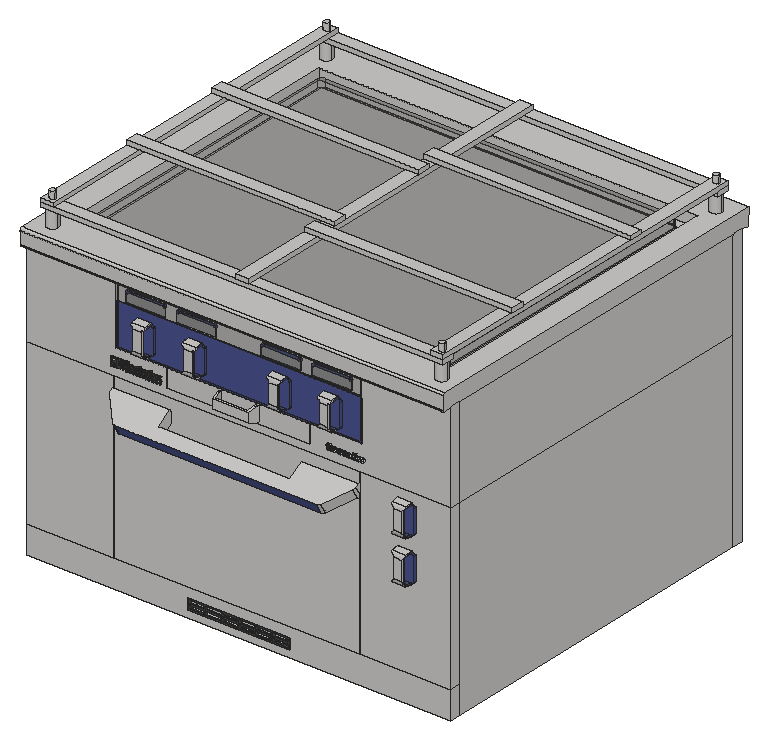
Revit family "QF_ELECTROLUXPROFESSIONAL_589882_MCLLEAJ8DM", category Specialty Equipment, Revit 2014 (continued)
Definition of nested family "Front_Panel_W1000_Four Knobs_Marine"
  Definition of nested family "ELX_Professional_Logo_Small"
    Forms (mm)
      Extrusion 2, solid, material "QF_Finishes_Black" <- "Material_Logo"
        sketch origin (15.5, 0, 0) x (1, 0, 0) y (0, 1, 0)
          loop
            spline (-21.915, 1.897) -> (-21.957, 2.615) -> (-22.082, 3.303) -> (-22.285, 3.955) -> (-22.563, 4.564) -> (-22.913, 5.124) -> (-23.331, 5.629) -> (-23.814, 6.074) -> (-24.359, 6.451) -> (-24.961, 6.755) -> (-25.618, 6.98) -> (-26.326, 7.119) -> (-27.081, 7.167)
            spline (-27.081, 7.167) -> (-27.853, 7.122) -> (-28.586, 6.99) -> (-29.275, 6.774) -> (-29.915, 6.478) -> (-30.5, 6.104) -> (-31.024, 5.657) -> (-31.483, 5.138) -> (-31.871, 4.553) -> (-32.182, 3.904) -> (-32.411, 3.194) -> (-32.552, 2.427) -> (-32.6, 1.606)
            spline (-32.6, 1.606) -> (-32.553, 0.805) -> (-32.416, 0.057) -> (-32.193, -0.637) -> (-31.887, -1.271) -> (-31.504, -1.843) -> (-31.048, -2.35) -> (-30.523, -2.788) -> (-29.934, -3.154) -> (-29.284, -3.444) -> (-28.579, -3.656) -> (-27.822, -3.785) -> (-27.019, -3.829)
            spline (-27.019, -3.829) -> (-26.627, -3.82) -> (-26.239, -3.79) -> (-25.856, -3.739) -> (-25.477, -3.663) -> (-25.103, -3.562) -> (-24.734, -3.432) -> (-24.369, -3.273) -> (-24.01, -3.082) -> (-23.655, -2.858) -> (-23.305, -2.597) -> (-22.96, -2.299) -> (-22.621, -1.962)
            line (-22.621, -1.962) -> (-24.114, -0.509)
            spline (-24.114, -0.509) -> (-24.311, -0.699) -> (-24.509, -0.872) -> (-24.71, -1.03) -> (-24.915, -1.172) -> (-25.126, -1.297) -> (-25.346, -1.407) -> (-25.576, -1.5) -> (-25.817, -1.576) -> (-26.072, -1.636) -> (-26.342, -1.678) -> (-26.629, -1.704) -> (-26.936, -1.713)
            spline (-26.936, -1.713) -> (-27.384, -1.691) -> (-27.805, -1.625) -> (-28.196, -1.518) -> (-28.556, -1.372) -> (-28.882, -1.187) -> (-29.174, -0.966) -> (-29.429, -0.71) -> (-29.645, -0.422) -> (-29.821, -0.102) -> (-29.955, 0.247) -> (-30.045, 0.623) -> (-30.089, 1.026)
            line (-30.089, 1.026) -> (-21.956, 1.026) -> (-21.915, 1.897)
          loop
            spline (-24.446, 2.769) -> (-24.47, 3.075) -> (-24.54, 3.37) -> (-24.654, 3.65) -> (-24.807, 3.913) -> (-24.996, 4.156) -> (-25.219, 4.376) -> (-25.472, 4.57) -> (-25.753, 4.736) -> (-26.057, 4.869) -> (-26.382, 4.968) -> (-26.724, 5.03) -> (-27.081, 5.051)
            spline (-27.081, 5.051) -> (-27.464, 5.03) -> (-27.832, 4.97) -> (-28.183, 4.872) -> (-28.513, 4.74) -> (-28.819, 4.577) -> (-29.099, 4.384) -> (-29.347, 4.165) -> (-29.563, 3.923) -> (-29.742, 3.659) -> (-29.881, 3.377) -> (-29.977, 3.079) -> (-30.027, 2.769)
            line (-30.027, 2.769) -> (-24.446, 2.769)
          loop
            spline (-18.167, 1.669) -> (-18.138, 2.13) -> (-18.055, 2.567) -> (-17.921, 2.978) -> (-17.739, 3.358) -> (-17.512, 3.705) -> (-17.243, 4.016) -> (-16.937, 4.287) -> (-16.596, 4.517) -> (-16.223, 4.7) -> (-15.823, 4.835) -> (-15.398, 4.919) -> (-14.951, 4.947)
            spline (-14.951, 4.947) -> (-14.677, 4.938) -> (-14.414, 4.913) -> (-14.162, 4.871) -> (-13.921, 4.812) -> (-13.69, 4.738) -> (-13.467, 4.649) -> (-13.254, 4.544) -> (-13.048, 4.424) -> (-12.85, 4.291) -> (-12.659, 4.143) -> (-12.474, 3.981) -> (-12.295, 3.806)
            line (-12.295, 3.806) -> (-10.76, 5.403)
            spline (-10.76, 5.403) -> (-11.065, 5.709) -> (-11.38, 5.984) -> (-11.703, 6.228) -> (-12.035, 6.443) -> (-12.375, 6.63) -> (-12.723, 6.788) -> (-13.078, 6.92) -> (-13.44, 7.026) -> (-13.809, 7.107) -> (-14.184, 7.164) -> (-14.564, 7.198) -> (-14.951, 7.209)
            spline (-14.951, 7.209) -> (-15.725, 7.161) -> (-16.467, 7.02) -> (-17.169, 6.792) -> (-17.826, 6.482) -> (-18.43, 6.096) -> (-18.976, 5.637) -> (-19.455, 5.112) -> (-19.862, 4.525) -> (-20.19, 3.882) -> (-20.433, 3.189) -> (-20.584, 2.449) -> (-20.635, 1.669)
            spline (-20.635, 1.669) -> (-20.584, 0.889) -> (-20.433, 0.149) -> (-20.19, -0.545) -> (-19.862, -1.187) -> (-19.455, -1.774) -> (-18.976, -2.299) -> (-18.43, -2.758) -> (-17.826, -3.145) -> (-17.169, -3.454) -> (-16.467, -3.682) -> (-15.725, -3.823) -> (-14.951, -3.871)
            spline (-14.951, -3.871) -> (-14.564, -3.86) -> (-14.184, -3.826) -> (-13.809, -3.77) -> (-13.44, -3.689) -> (-13.078, -3.583) -> (-12.723, -3.451) -> (-12.375, -3.292) -> (-12.035, -3.105) -> (-11.703, -2.89) -> (-11.38, -2.646) -> (-11.065, -2.371) -> (-10.76, -2.066)
            line (-10.76, -2.066) -> (-12.295, -0.468)
            spline (-12.295, -0.468) -> (-12.474, -0.643) -> (-12.659, -0.805) -> (-12.85, -0.953) -> (-13.048, -1.087) -> (-13.254, -1.206) -> (-13.467, -1.311) -> (-13.69, -1.4) -> (-13.921, -1.475) -> (-14.162, -1.533) -> (-14.414, -1.575) -> (-14.677, -1.6) -> (-14.951, -1.609)
            spline (-14.951, -1.609) -> (-15.398, -1.581) -> (-15.823, -1.497) -> (-16.223, -1.362) -> (-16.596, -1.179) -> (-16.937, -0.95) -> (-17.243, -0.678) -> (-17.512, -0.367) -> (-17.739, -0.02) -> (-17.921, 0.36) -> (-18.055, 0.771) -> (-18.138, 1.208) -> (-18.167, 1.669)
          loop
            spline (-4.441, -1.243) -> (-4.659, -1.247) -> (-4.894, -1.23) -> (-5.137, -1.19) -> (-5.384, -1.121) -> (-5.628, -1.021) -> (-5.864, -0.884) -> (-6.084, -0.708) -> (-6.283, -0.488) -> (-6.454, -0.219) -> (-6.592, 0.101) -> (-6.69, 0.478) -> (-6.742, 0.914)
            line (-6.742, 0.914) -> (-6.742, 4.587) -> (-4.487, 4.587) -> (-4.487, 6.838) -> (-6.738, 6.838) -> (-6.738, 10.824) -> (-9.217, 10.824) -> (-9.217, 0.773)
            spline (-9.217, 0.773) -> (-9.164, 0.19) -> (-9.068, -0.358) -> (-8.928, -0.87) -> (-8.742, -1.343) -> (-8.511, -1.777) -> (-8.232, -2.168) -> (-7.904, -2.515) -> (-7.527, -2.816) -> (-7.098, -3.069) -> (-6.618, -3.273) -> (-6.084, -3.426) -> (-5.496, -3.525)
            line (-5.496, -3.525) -> (-4.45, -3.573) -> (-4.441, -1.243)
          loop
            spline (3.898, 6.983) -> (3.469, 7.009) -> (3.056, 7.001) -> (2.661, 6.961) -> (2.283, 6.888) -> (1.925, 6.785) -> (1.588, 6.652) -> (1.272, 6.49) -> (0.979, 6.301) -> (0.71, 6.085) -> (0.465, 5.844) -> (0.247, 5.578) -> (0.056, 5.289)
            line (0.056, 5.289) -> (0.056, 6.838) -> (-2.402, 6.838) -> (-2.402, -3.572) -> (0.056, -3.572) -> (0.056, 1.901)
            spline (0.056, 1.901) -> (0.079, 2.316) -> (0.145, 2.703) -> (0.254, 3.06) -> (0.404, 3.386) -> (0.592, 3.679) -> (0.818, 3.938) -> (1.08, 4.162) -> (1.375, 4.348) -> (1.703, 4.495) -> (2.062, 4.602) -> (2.45, 4.668) -> (2.865, 4.69)
            line (2.865, 4.69) -> (3.898, 4.586) -> (3.898, 6.983)
          loop
            spline (15.638, 1.633) -> (15.586, 2.396) -> (15.435, 3.124) -> (15.192, 3.81) -> (14.863, 4.449) -> (14.455, 5.034) -> (13.975, 5.56) -> (13.43, 6.021) -> (12.826, 6.411) -> (12.17, 6.724) -> (11.469, 6.955) -> (10.729, 7.098) -> (9.958, 7.147)
            spline (9.958, 7.147) -> (9.182, 7.098) -> (8.44, 6.955) -> (7.737, 6.724) -> (7.081, 6.411) -> (6.477, 6.021) -> (5.933, 5.56) -> (5.454, 5.034) -> (5.048, 4.449) -> (4.721, 3.81) -> (4.479, 3.124) -> (4.329, 2.396) -> (4.277, 1.633)
            spline (4.277, 1.633) -> (4.329, 0.869) -> (4.479, 0.141) -> (4.721, -0.544) -> (5.048, -1.183) -> (5.454, -1.768) -> (5.933, -2.294) -> (6.477, -2.755) -> (7.081, -3.145) -> (7.737, -3.459) -> (8.44, -3.69) -> (9.182, -3.833) -> (9.958, -3.882)
            spline (9.958, -3.882) -> (10.729, -3.833) -> (11.469, -3.69) -> (12.17, -3.459) -> (12.826, -3.145) -> (13.43, -2.755) -> (13.975, -2.294) -> (14.455, -1.768) -> (14.863, -1.183) -> (15.192, -0.544) -> (15.435, 0.141) -> (15.586, 0.869) -> (15.638, 1.633)
          loop
            spline (13.18, 1.633) -> (13.151, 2.083) -> (13.067, 2.513) -> (12.932, 2.918) -> (12.748, 3.296) -> (12.52, 3.642) -> (12.251, 3.954) -> (11.943, 4.227) -> (11.601, 4.459) -> (11.228, 4.645) -> (10.828, 4.782) -> (10.403, 4.867) -> (9.958, 4.896)
            spline (9.958, 4.896) -> (9.509, 4.867) -> (9.081, 4.782) -> (8.679, 4.645) -> (8.306, 4.459) -> (7.964, 4.227) -> (7.658, 3.954) -> (7.39, 3.642) -> (7.163, 3.296) -> (6.981, 2.918) -> (6.847, 2.513) -> (6.765, 2.083) -> (6.736, 1.633)
            spline (6.736, 1.633) -> (6.765, 1.182) -> (6.847, 0.753) -> (6.981, 0.347) -> (7.163, -0.031) -> (7.39, -0.377) -> (7.658, -0.689) -> (7.964, -0.962) -> (8.306, -1.193) -> (8.679, -1.38) -> (9.081, -1.517) -> (9.509, -1.602) -> (9.958, -1.631)
            spline (9.958, -1.631) -> (10.403, -1.602) -> (10.828, -1.517) -> (11.228, -1.38) -> (11.601, -1.193) -> (11.943, -0.962) -> (12.251, -0.689) -> (12.52, -0.377) -> (12.748, -0.031) -> (12.932, 0.347) -> (13.067, 0.753) -> (13.151, 1.182) -> (13.18, 1.633)
          loop
            line (17.162, 4.269) -> (17.162, -3.573) -> (19.642, -3.573) -> (19.642, 10.824) -> (17.162, 10.824) -> (17.162, 4.269)
          loop
            line (28.581, 6.838) -> (28.581, 0.786)
            spline (28.581, 0.786) -> (28.561, 0.393) -> (28.503, 0.038) -> (28.409, -0.279) -> (28.281, -0.559) -> (28.122, -0.802) -> (27.933, -1.011) -> (27.717, -1.185) -> (27.476, -1.325) -> (27.213, -1.433) -> (26.929, -1.509) -> (26.626, -1.554) -> (26.308, -1.569)
            spline (26.308, -1.569) -> (25.99, -1.554) -> (25.688, -1.509) -> (25.404, -1.434) -> (25.141, -1.326) -> (24.9, -1.187) -> (24.684, -1.014) -> (24.496, -0.807) -> (24.336, -0.565) -> (24.209, -0.288) -> (24.115, 0.026) -> (24.057, 0.376) -> (24.037, 0.765)
            line (24.037, 0.765) -> (24.037, 6.838) -> (21.537, 6.838) -> (21.537, 0.558)
            spline (21.537, 0.558) -> (21.581, -0.153) -> (21.71, -0.8) -> (21.916, -1.384) -> (22.195, -1.904) -> (22.54, -2.362) -> (22.944, -2.757) -> (23.403, -3.09) -> (23.909, -3.362) -> (24.456, -3.572) -> (25.04, -3.722) -> (25.652, -3.811) -> (26.288, -3.841)
            spline (26.288, -3.841) -> (26.929, -3.811) -> (27.547, -3.72) -> (28.135, -3.568) -> (28.687, -3.355) -> (29.197, -3.079) -> (29.66, -2.741) -> (30.068, -2.341) -> (30.415, -1.877) -> (30.696, -1.349) -> (30.905, -0.757) -> (31.034, -0.101) -> (31.079, 0.621)
            line (31.079, 0.621) -> (31.079, 6.838) -> (28.581, 6.838)
          loop
            line (40.457, -0.243) -> (38.894, 1.942) -> (40.83, 4.579) -> (42.488, 6.837) -> (39.782, 6.837) -> (37.53, 3.719) -> (35.258, 6.837) -> (32.573, 6.837) -> (34.113, 4.731) -> (36.167, 1.922) -> (34.014, -1.076) -> (32.222, -3.573) -> (34.887, -3.573) -> (37.53, 0.104) -> (40.174, -3.573) -> (42.839, -3.573) -> (40.457, -0.243)
          loop
            line (-46.121, -5.837) -> (-48.039, -5.837) -> (-48.039, -10.814) -> (-47.016, -10.814) -> (-47.016, -9.128) -> (-46.121, -9.128)
            arc (-46.121, -9.128) -> (-44.476, -7.482) -> (-46.121, -5.837) r 1.645
          loop
            line (-46.163, -6.778) -> (-47.016, -6.778) -> (-47.016, -8.187) -> (-46.163, -8.187)
            arc (-46.163, -8.187) -> (-45.458, -7.482) -> (-46.163, -6.778) r 0.704
          loop
            line (-38.313, -5.837) -> (-40.265, -5.837) -> (-40.265, -10.814) -> (-39.241, -10.814) -> (-39.241, -9.1) -> (-38.46, -9.182) -> (-37.48, -10.814) -> (-36.318, -10.814) -> (-37.513, -8.848)
            arc (-37.513, -8.848) -> (-36.888, -8.266) -> (-36.671, -7.441) r 1.536
            arc (-36.671, -7.441) -> (-37.165, -6.305) -> (-38.313, -5.837) r 1.643
          loop
            arc (-38.402, -8.166) -> (-37.707, -7.505) -> (-38.334, -6.778) r 0.696
            line (-38.334, -6.778) -> (-39.241, -6.778) -> (-39.241, -8.166) -> (-38.402, -8.166)
          loop
            circle (-29.965, -8.325) r 2.585
          loop
            circle (-29.965, -8.325) r 1.64
          loop
            line (-23.1, -5.837) -> (-23.1, -10.814) -> (-22.076, -10.814) -> (-22.076, -8.768) -> (-20.204, -8.768) -> (-20.204, -7.828) -> (-22.076, -7.828) -> (-22.076, -6.778) -> (-20.024, -6.778) -> (-20.024, -5.837) -> (-23.1, -5.837)
          loop
            line (-15.802, -5.837) -> (-15.802, -9.2)
            arc (-15.802, -9.2) -> (-15.343, -10.34) -> (-14.209, -10.814) r 1.593
            line (-14.209, -10.814) -> (-12.602, -10.814) -> (-12.602, -10.027) -> (-14.004, -10.027)
            arc (-14.004, -10.027) -> (-14.552, -9.8) -> (-14.779, -9.252) r 0.775
            line (-14.779, -9.252) -> (-14.779, -8.424) -> (-12.789, -8.424) -> (-12.789, -7.642) -> (-14.779, -7.642) -> (-14.779, -6.778) -> (-12.651, -6.778) -> (-12.651, -5.837) -> (-15.802, -5.837)
          loop
            line (-5.909, -7.143) -> (-5.173, -6.638)
            arc (-5.173, -6.638) -> (-5.855, -5.974) -> (-6.781, -5.755) r 1.782
            arc (-6.781, -5.755) -> (-7.397, -5.878) -> (-7.944, -6.189) r 1.974
            arc (-7.944, -6.189) -> (-8.202, -6.5) -> (-8.317, -6.888) r 1.013
            arc (-8.317, -6.888) -> (-8.306, -7.341) -> (-8.192, -7.78) r 1.985
            arc (-8.192, -7.78) -> (-7.749, -8.259) -> (-7.171, -8.563) r 1.928
            arc (-7.171, -8.563) -> (-6.637, -8.779) -> (-6.131, -9.056) r 5.041
            arc (-6.131, -9.056) -> (-5.934, -9.387) -> (-6.09, -9.74) r 0.42
            arc (-6.09, -9.74) -> (-6.631, -9.96) -> (-7.204, -9.845) r 1.016
            arc (-7.204, -9.845) -> (-7.625, -9.603) -> (-7.889, -9.196) r 1.033
            line (-7.889, -9.196) -> (-8.67, -9.686)
            arc (-8.67, -9.686) -> (-8.361, -10.198) -> (-7.908, -10.589) r 1.914
            arc (-7.908, -10.589) -> (-7.334, -10.834) -> (-6.714, -10.896) r 2.063
            arc (-6.714, -10.896) -> (-5.947, -10.743) -> (-5.256, -10.376) r 2.696
            arc (-5.256, -10.376) -> (-4.95, -9.565) -> (-5.108, -8.712) r 1.618
            arc (-5.108, -8.712) -> (-5.448, -8.319) -> (-5.884, -8.035) r 1.876
            arc (-5.884, -8.035) -> (-6.434, -7.789) -> (-6.999, -7.577) r 9.883
            arc (-6.999, -7.577) -> (-7.325, -7.07) -> (-6.854, -6.694) r 0.45
            arc (-6.854, -6.694) -> (-6.329, -6.809) -> (-5.909, -7.143) r 1.197
          loop
            line (1.61, -7.143) -> (2.345, -6.638)
            arc (2.345, -6.638) -> (1.663, -5.974) -> (0.737, -5.755) r 1.782
            arc (0.737, -5.755) -> (0.121, -5.878) -> (-0.425, -6.189) r 1.974
            arc (-0.425, -6.189) -> (-0.683, -6.5) -> (-0.799, -6.888) r 1.013
            arc (-0.799, -6.888) -> (-0.788, -7.341) -> (-0.674, -7.78) r 1.985
            arc (-0.674, -7.78) -> (-0.231, -8.259) -> (0.347, -8.563) r 1.928
            arc (0.347, -8.563) -> (0.881, -8.779) -> (1.387, -9.056) r 5.041
            arc (1.387, -9.056) -> (1.584, -9.387) -> (1.428, -9.74) r 0.42
            arc (1.428, -9.74) -> (0.887, -9.96) -> (0.314, -9.845) r 1.016
            arc (0.314, -9.845) -> (-0.107, -9.603) -> (-0.371, -9.196) r 1.033
            line (-0.371, -9.196) -> (-1.152, -9.686)
            arc (-1.152, -9.686) -> (-0.842, -10.198) -> (-0.39, -10.589) r 1.914
            arc (-0.39, -10.589) -> (0.184, -10.834) -> (0.804, -10.896) r 2.063
            arc (0.804, -10.896) -> (1.572, -10.743) -> (2.263, -10.376) r 2.696
            arc (2.263, -10.376) -> (2.568, -9.565) -> (2.411, -8.712) r 1.618
            arc (2.411, -8.712) -> (2.07, -8.319) -> (1.635, -8.035) r 1.876
            arc (1.635, -8.035) -> (1.084, -7.789) -> (0.519, -7.577) r 9.883
            arc (0.519, -7.577) -> (0.193, -7.07) -> (0.665, -6.694) r 0.45
            arc (0.665, -6.694) -> (1.189, -6.809) -> (1.61, -7.143) r 1.197
          loop
            line (6.801, -5.837) -> (6.801, -10.814) -> (7.825, -10.814) -> (7.825, -5.837) -> (6.801, -5.837)
          loop
            circle (14.724, -8.325) r 1.548
          loop
            circle (14.724, -8.325) r 2.585
          loop
            line (21.59, -10.814) -> (22.623, -10.814) -> (22.623, -7.685) -> (24.9, -10.814) -> (25.895, -10.814) -> (25.895, -5.837) -> (24.861, -5.837) -> (24.861, -9.061) -> (22.585, -5.837) -> (21.59, -5.837) -> (21.59, -10.814)
          loop
            line (31.054, -10.814) -> (31.539, -9.74) -> (33.38, -9.74) -> (33.865, -10.814) -> (34.965, -10.814) -> (32.46, -5.837) -> (29.956, -10.814) -> (31.054, -10.814)
          loop
            line (32.46, -7.698) -> (31.999, -8.719) -> (32.921, -8.719) -> (32.46, -7.698)
          loop
            line (40.047, -9.873) -> (40.047, -5.837) -> (39.024, -5.837) -> (39.024, -10.814) -> (41.961, -10.814) -> (41.961, -9.873) -> (40.047, -9.873)
          loop
            line (-74.986, -10.814) -> (-53.322, -10.814) -> (-53.322, 10.82) -> (-74.986, 10.82) -> (-74.986, -10.814)
          loop
            line (-61.261, 9.758) -> (-61.261, -9.707)
            arc (-61.261, -9.707) -> (-54.066, 0.025) -> (-61.261, 9.758) r 10.18
          loop
            line (-62.251, 8.349) -> (-62.251, 9.758)
            arc (-62.251, 9.758) -> (-70.347, 7.918) -> (-74.247, 0.59) r 9.976
            line (-74.247, 0.59) -> (-71.026, 0.59)
            arc (-71.026, 0.59) -> (-65.274, 2.925) -> (-62.251, 8.349) r 9.351
          loop
            arc (-74.247, -0.539) -> (-70.353, -7.928) -> (-62.251, -9.957) r 10.237
            line (-62.251, -9.957) -> (-62.251, -8.298)
            arc (-62.251, -8.298) -> (-65.274, -2.874) -> (-71.026, -0.539) r 9.351
            line (-71.026, -0.539) -> (-74.247, -0.539)
        from 0 to 1.644
    Dimensions and locks
      aligned and locked: plane 2 to Extrusion 1
      aligned and locked: level to Extrusion 1
